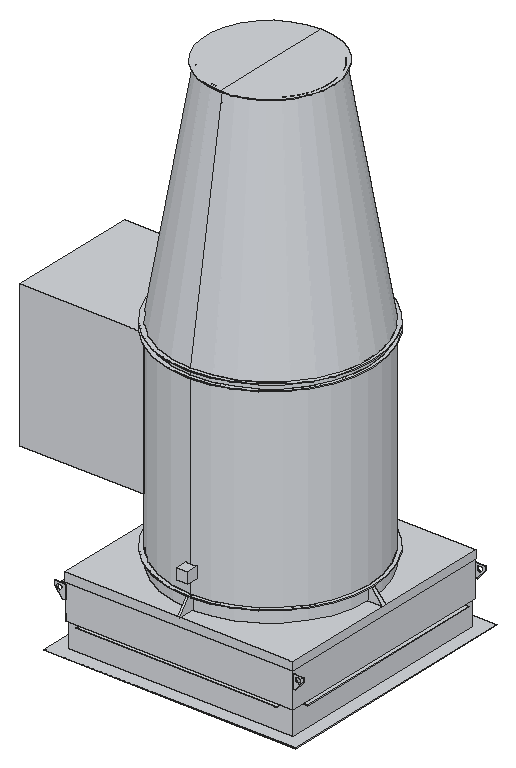
Revit family "TCNHBLE_with_Isolation_Box", category Mechanical Equipment, Revit 2019
Family settings
  Round Connector Dimension = Use Diameter
  Part Type = Normal
  Work Plane-Based = No
  Always vertical = Yes
  Cut with Voids When Loaded = No
  Shared = No
  Room Calculation Point = No
Parameters (values of type "490_TCNHBLE-Isolation_Box")
  Unit Weight [instance] = ""
  UNIT_HEIGHT*.75 = -UNIT_HEIGHT * 0.75  # -4' - 6 3/8"
  UNIT_HEIGHT = 6' - 0 1/2"
  Sones [instance] = ""
  RO/2 = RO / 2  # 3' - 2 1/4"
  RO = 6' - 4 1/2"
  Nozzle [instance] = ""
  Motor RPM [instance] = ""
  Motor Enclosure [instance] = ""
  ModelID [instance] = ""
  MIXING_BOX_HEIGHT-2.875" = MIXING_BOX_HEIGHT - 0' 2 7/8"  # 1' - 1 1/8"
  MIXING_BOX_HEIGHT+.125" = MIXING_BOX_HEIGHT + 0' 0 1/8"  # 1' - 4 1/8"
  MIXING_BOX_HEIGHT = 1' - 4"  # constant formula
  MB/2 = MIXING_BOX_HEIGHT / 2  # 0' - 8"
  LwA [instance] = ""
  Isolation Damper Actuator = ""
  Fan RPM [instance] = ""
  FAN_RADIUS+4" = FAN_RAD + 0' 4"  # 3' - 4 1/2"
  FAN_RAD*.8 = FAN_RAD * 0.6  # 1' - 9.9"
  FAN_RAD*.33 = FAN_RAD * 0.66  # 2' - 0.09"
  FAN_RAD = FAN_DIA / 2  # 3' - 0 1/2"
  FAN_DIA = 6' - 1"
  D = 9' - 0"
  CURB_HEIGHT [instance] = 1' - 0"
  CURB [instance] = yes
  C = 7' - 0"
  F-1" = F - 0' 1"  # 7' - 2"
  F = 7' - 3"
  C/2 = E / 2  # 5' - 9 1/2"
  E = 11' - 7"
  B/2 = B / 2  # 3' - 5 3/8"
  B = 6' - 10 3/4"
  Accessories [instance] = ""
  A-C-D = A - E - F + 0' 1"  # -3' - 7 1/4"
  A = 15' - 1 3/4"
  5" = 0' - 5"  # constant formula
  3.125" = 0' - 3 1/8"  # constant formula
  3" = 0' - 3"  # constant formula
  Brake Hp [instance] = ""
  4" = 0' - 4"  # constant formula
  2' = 2' - 0"
  2" = 0' - 2"  # constant formula
  135 = 135.00°
  1" = 0' - 1"  # constant formula
  0 = 0' - 0"  # constant formula
  Voltage [instance] = 0 V
  URL = "www.lorencook.com"
  Type Comments = "Tubular Centrifugal Inline Upblast Roof Mounted Arrangement 9 With Isolation Box"  # constant formula
  Static Pressure [instance] = 0.00 in-wg
  Power [instance] = Voltage * Motor FLA * sqrt(if(Phase = 3, 3, 1))  # 0 VA
  Phase [instance] = 0
  Number of Poles [instance] = 1
  Motor Hp [instance] = "0"
  Motor FLA [instance] = 0 A
  Model = "TCNHBLE-Isolation Box"  # constant formula
  Manufacturer = "Loren Cook Company"
  CFM [instance] = 0 CFM
  1.5 = 0' - 1 1/2"  # constant formula
  ONE EIGTH = 0' - 0 1/8"  # constant formula
  -B/2 = -B / 2  # -3' - 5 3/8"
  (E/2)+.125" = (C / 2) + 0' 0 1/8"  # 3' - 6 1/8"
  ((E-8")*.8)-MIXING_BOX = -((E - MIXING_BOX_HEIGHT - 0' 5") * 0.8)  # -7' - 10.4"
Types (18): name | UNIT_HEIGHT*.75 | UNIT_HEIGHT | RO/2 | RO | FAN_RADIUS+4" | FAN_RAD*.8 | FAN_RAD*.33 | FAN_RAD | FAN_DIA | D | C | F-1" | F | C/2 | E | B/2 | B | A-C-D | A | -B/2 | (E/2)+.125" | ((E-8")*.8)-MIXING_BOX
  (no name) | -4' - 6 3/8" | 6' - 0 1/2" | 3' - 2 1/4" | 6' - 4 1/2" | 3' - 4 1/2" | 1' - 9.9" | 2' - 0.09" | 3' - 0 1/2" | 6' - 1" | 9' - 0" | 7' - 0" | 7' - 2" | 7' - 3" | 5' - 9 1/2" | 11' - 7" | 3' - 5 3/8" | 6' - 10 3/4" | -3' - 7 1/4" | 15' - 1 3/4" | -3' - 5 3/8" | 3' - 6 1/8" | -7' - 10.4"
  100_TCNHBLE-Isolation_Box | -1' - 4 1/2" | 1' - 10" | 0' - 8 13/32" | 1' - 4 13/16" | 1' - 0" | 0' - 4.8" | 0' - 5.28" | 0' - 8" | 1' - 4" | 2' - 10" | 2' - 0" | 1' - 7" | 1' - 8" | 2' - 6" | 5' - 0" | 0' - 11 17/32" | 1' - 11 1/16" | 3' - 5" | 10' - 0" | -0' - 11 17/32" | 1' - 0 1/8" | -2' - 7.2"
  120_TCNHBLE-Isolation_Box | -1' - 5 1/4" | 1' - 11" | 0' - 10 13/32" | 1' - 8 13/16" | 1' - 1" | 0' - 5.4" | 0' - 5.94" | 0' - 9" | 1' - 6" | 3' - 2" | 2' - 4" | 1' - 9" | 1' - 10" | 2' - 7" | 5' - 2" | 1' - 1 17/32" | 2' - 3 1/16" | 3' - 1" | 10' - 0" | -1' - 1 17/32" | 1' - 2 1/8" | -2' - 8.8"
  135_TCNHBLE-Isolation_Box | -1' - 6 3/8" | 2' - 0 1/2" | 0' - 11 3/8" | 1' - 10 3/4" | 1' - 2 1/2" | 0' - 6.3" | 0' - 6.93" | 0' - 10 1/2" | 1' - 9" | 3' - 4" | 2' - 6" | 2' - 1" | 2' - 2" | 2' - 7 1/2" | 5' - 3" | 1' - 2 1/2" | 2' - 5" | 2' - 8" | 10' - 0" | -1' - 2 1/2" | 1' - 3 1/8" | -2' - 9.6"
  150_TCNHBLE-Isolation_Box | -1' - 8 7/16" | 2' - 3 1/4" | 1' - 0 3/8" | 2' - 0 3/4" | 1' - 4" | 0' - 7.2" | 0' - 7.92" | 1' - 0" | 2' - 0" | 3' - 6" | 2' - 8" | 2' - 4" | 2' - 5" | 2' - 9 1/2" | 5' - 7" | 1' - 3 1/2" | 2' - 7" | 2' - 1" | 10' - 0" | -1' - 3 1/2" | 1' - 4 1/8" | -3' - 0.8"
  165_TCNHBLE-Isolation_Box | -1' - 9 9/16" | 2' - 4 3/4" | 1' - 1 3/8" | 2' - 2 3/4" | 1' - 5" | 0' - 7.8" | 0' - 8.58" | 1' - 1" | 2' - 2" | 3' - 10" | 2' - 10" | 2' - 5" | 2' - 6" | 2' - 11" | 5' - 10" | 1' - 4 1/2" | 2' - 9" | 1' - 9" | 10' - 0" | -1' - 4 1/2" | 1' - 5 1/8" | -3' - 3.2"
  180_TCNHBLE-Isolation_Box | -1' - 11 7/16" | 2' - 7 1/4" | 1' - 3 5/16" | 2' - 6 5/8" | 1' - 6" | 0' - 8.4" | 0' - 9.24" | 1' - 2" | 2' - 4" | 4' - 2" | 3' - 2" | 2' - 10" | 2' - 11" | 3' - 0 1/2" | 6' - 1" | 1' - 6 7/16" | 3' - 0 7/8" | 1' - 1" | 10' - 0" | -1' - 6 7/16" | 1' - 7 1/8" | -3' - 5.6"
  195_TCNHBLE-Isolation_Box | -2' - 1 1/8" | 2' - 9 1/2" | 1' - 5 11/32" | 2' - 10 11/16" | 1' - 7 1/2" | 0' - 9.3" | 0' - 10.23" | 1' - 3 1/2" | 2' - 7" | 4' - 6" | 3' - 6" | 3' - 2" | 3' - 3" | 3' - 2" | 6' - 4" | 1' - 8 7/16" | 3' - 4 7/8" | 0' - 6" | 10' - 0" | -1' - 8 7/16" | 1' - 9 1/8" | -3' - 8"
  210_TCNHBLE-Isolation_Box | -2' - 2 1/16" | 2' - 10 3/4" | 1' - 6 11/32" | 3' - 0 11/16" | 1' - 9" | 0' - 10.2" | 0' - 11.22" | 1' - 5" | 2' - 10" | 4' - 8" | 3' - 8" | 3' - 5" | 3' - 6" | 3' - 2" | 6' - 4" | 1' - 9 7/16" | 3' - 6 7/8" | 0' - 3" | 10' - 0" | -1' - 9 7/16" | 1' - 10 1/8" | -3' - 8"
  225_TCNHBLE-Isolation_Box | -2' - 2 5/8" | 2' - 11 1/2" | 1' - 8 11/32" | 3' - 4 11/16" | 1' - 10" | 0' - 10.8" | 0' - 11.88" | 1' - 6" | 3' - 0" | 5' - 0" | 4' - 0" | 3' - 7" | 3' - 8" | 3' - 3" | 6' - 6" | 1' - 11 7/16" | 3' - 10 7/8" | -0' - 1" | 10' - 0" | -1' - 11 7/16" | 2' - 0 1/8" | -3' - 9.6"
  245_TCNHBLE-Isolation_Box | -2' - 6 3/4" | 3' - 5" | 1' - 9 11/32" | 3' - 6 11/16" | 2' - 0" | 1' - 0" | 1' - 1.2" | 1' - 8" | 3' - 4" | 5' - 3" | 4' - 2" | 4' - 1" | 4' - 2" | 3' - 6 1/2" | 7' - 1" | 2' - 0 7/16" | 4' - 0 7/8" | -1' - 2" | 10' - 0" | -2' - 0 7/16" | 2' - 1 1/8" | -4' - 3.2"
  270_TCNHBLE-Isolation_Box | -2' - 10 7/8" | 3' - 10 1/2" | 1' - 11 11/32" | 3' - 10 11/16" | 2' - 2" | 1' - 1.2" | 1' - 2.52" | 1' - 10" | 3' - 8" | 5' - 7" | 4' - 6" | 4' - 7" | 4' - 8" | 3' - 9 1/2" | 7' - 7" | 2' - 2 7/16" | 4' - 4 7/8" | -1' - 9 1/4" | 10' - 4 3/4" | -2' - 2 7/16" | 2' - 3 1/8" | -4' - 8"
  300_TCNHBLE-Isolation_Box | -3' - 0 3/16" | 4' - 0 1/4" | 2' - 2 11/32" | 4' - 4 11/16" | 2' - 4" | 1' - 2.4" | 1' - 3.84" | 2' - 0" | 4' - 0" | 6' - 2" | 5' - 0" | 4' - 11" | 5' - 0" | 3' - 10 1/2" | 7' - 9" | 2' - 5 7/16" | 4' - 10 7/8" | -1' - 9 1/2" | 10' - 10 1/2" | -2' - 5 7/16" | 2' - 6 1/8" | -4' - 9.6"
  330_TCNHBLE-Isolation_Box | -3' - 3" | 4' - 4" | 2' - 3 9/32" | 4' - 6 9/16" | 2' - 6" | 1' - 3.6" | 1' - 5.16" | 2' - 2" | 4' - 4" | 6' - 5" | 5' - 2" | 5' - 3" | 5' - 4" | 4' - 2" | 8' - 4" | 2' - 6 3/8" | 5' - 0 3/4" | -2' - 0 3/4" | 11' - 6 1/4" | -2' - 6 3/8" | 2' - 7 1/8" | -5' - 3.2"
  365_TCNHBLE-Isolation_Box | -3' - 4 1/2" | 4' - 6" | 2' - 4 25/32" | 4' - 9 9/16" | 2' - 7" | 1' - 4.2" | 1' - 5.82" | 2' - 3" | 4' - 6" | 6' - 10" | 5' - 5" | 5' - 4" | 5' - 5" | 4' - 4 1/2" | 8' - 9" | 2' - 7 7/8" | 5' - 3 3/4" | -2' - 3 3/4" | 11' - 9 1/4" | -2' - 7 7/8" | 2' - 8 5/8" | -5' - 7.2"
  402_TCNHBLE-Isolation_Box | -3' - 8 5/8" | 4' - 11 1/2" | 2' - 8 9/32" | 5' - 4 9/16" | 2' - 10" | 1' - 6" | 1' - 7.8" | 2' - 6" | 5' - 0" | 7' - 6" | 6' - 0" | 5' - 11" | 6' - 0" | 4' - 8 1/2" | 9' - 5" | 2' - 11 3/8" | 5' - 10 3/4" | -2' - 6 1/4" | 12' - 9 3/4" | -2' - 11 3/8" | 3' - 0 1/8" | -6' - 1.6"
  445_TCNHBLE-Isolation_Box | -4' - 1 1/2" | 5' - 6" | 2' - 10 25/32" | 5' - 9 9/16" | 3' - 1" | 1' - 7.8" | 1' - 9.78" | 2' - 9" | 5' - 6" | 8' - 2" | 6' - 5" | 6' - 7" | 6' - 8" | 5' - 3" | 10' - 6" | 3' - 1 7/8" | 6' - 3 3/4" | -3' - 0 3/4" | 14' - 0 1/4" | -3' - 1 7/8" | 3' - 2 5/8" | -7' - 0"
  490_TCNHBLE-Isolation_Box | -4' - 6 3/8" | 6' - 0 1/2" | 3' - 2 1/4" | 6' - 4 1/2" | 3' - 4 1/2" | 1' - 9.9" | 2' - 0.09" | 3' - 0 1/2" | 6' - 1" | 9' - 0" | 7' - 0" | 7' - 2" | 7' - 3" | 5' - 9 1/2" | 11' - 7" | 3' - 5 3/8" | 6' - 10 3/4" | -3' - 7 1/4" | 15' - 1 3/4" | -3' - 5 3/8" | 3' - 6 1/8" | -7' - 10.4"
Reference planes (in)
  plane 1 "Center (Front/Back)": y = 0
  plane 2: z = 0
  plane 3 "Center (Left/Right)": x = 0.40541
Forms (in)
  Extrusion 1, solid
    sketch origin (0, 0, 0) x (1, 0, 0) y (0, 1, 0)
      loop
        line (-41.71959, 42.125) -> (-41.71959, -42.125) -> (42.53041, -42.125) -> (42.53041, 42.125) -> (-41.71959, 42.125)
    from 16.125 <- "MIXING_BOX_HEIGHT+.125"" to 13.125 <- "MIXING_BOX_HEIGHT-2.875""
  Extrusion 2, solid
    sketch origin (0, 0, 16.125) x (1, 0, 0) y (0, 1, 0)
      loop
        circle (0.40541, 0) r 36.5
    from 5 to 0
  Extrusion 3, solid
    sketch origin (0, 0, 0) x (1, 0, 0) y (0, 0, 1)
      loop
        line (-41.71959, 16.125) -> (-36.09459, 16.125) -> (-36.09459, 21.125) -> (-37.59459, 21.125) -> (-41.71959, 16.125)
      loop
        line (42.53041, 16.125) -> (38.40541, 21.125) -> (36.90541, 21.125) -> (36.90541, 16.125) -> (42.53041, 16.125)
    from -0.5 to 0.5
  Extrusion 4, solid
    sketch origin (0.40541, 0, 0) x (0, 1, 0) y (0, 0, 1)
      loop
        line (42.125, 16.125) -> (38, 21.125) -> (36.5, 21.125) -> (36.5, 16.125) -> (42.125, 16.125)
      loop
        line (-42.125, 16.125) -> (-36.5, 16.125) -> (-36.5, 21.125) -> (-38, 21.125) -> (-42.125, 16.125)
    from -0.5 to 0.5
  Revolve 5, solid
    sketch origin (0.40541, 0, 0) x (0, 1, 0) y (0, 0, 1)
      loop
        line (0, 21.125) -> (0, 181.75) -> (-23.4, 181.75) -> (-23.4, 181.625) -> (-21.9, 181.625) -> (-36.5, 95.875) -> (-38, 95.875) -> (-38, 95.75) -> (-36.5, 95.75) -> (-36.5, 93.625) -> (-38, 93.625) -> (-38, 93.5) -> (-36.5, 93.5) -> (-36.5, 21.25) -> (-38, 21.25) -> (-38, 21.125) -> (0, 21.125)
      axis (0, 21.125) -> (0, 181.75)
    angle from 0 to 360
  Extrusion 6, solid
    sketch origin (0.40541, 0, 93.625) x (-1, 0, 0) y (0, -1, 0)
      loop
        line (27.42119, -24.09) -> (73, -24.09) -> (73, 24.09) -> (27.42119, 24.09)
        arc (27.42119, 24.09) -> (36.5, 0) -> (27.42119, -24.09) r 36.5
    from -54.375 <- "UNIT_HEIGHT*.75" to -1
  Extrusion 7, solid
    sketch origin (0, 0, 0) x (1, 0, 0) y (0, 1, 0)
      loop
        line (-41.59459, 42) -> (-41.59459, -42) -> (42.40541, -42) -> (42.40541, 42) -> (-41.59459, 42)
    from 13.125 <- "MIXING_BOX_HEIGHT-2.875"" to 0
  Extrusion 8, void
    sketch origin (0, 0, 0) x (1, 0, 0) y (0, 1, 0)
      loop
        line (-41.46959, 41.875) -> (-41.46959, -41.875) -> (42.28041, -41.875) -> (42.28041, 41.875) -> (-41.46959, 41.875)
    from 2.875 to 0
  Extrusion 9, solid
    sketch origin (0, 0, 0) x (1, 0, 0) y (0, 1, 0)
      loop
        line (-36.71959, 43.625) -> (-36.71959, 42.125) -> (37.53041, 42.125) -> (37.53041, 43.625) -> (-36.71959, 43.625)
      loop
        line (42.40541, 37.125) -> (42.40541, -37.125) -> (43.90541, -37.125) -> (43.90541, 37.125) -> (42.40541, 37.125)
      loop
        line (37.53041, -42) -> (-36.71959, -42) -> (-36.71959, -43.5) -> (37.53041, -43.5) -> (37.53041, -42)
      loop
        line (-41.59459, -37.125) -> (-41.59459, 37.125) -> (-43.09459, 37.125) -> (-43.09459, -37.125) -> (-41.59459, -37.125)
    from 0 to 0.125
  Extrusion 10, solid
    sketch origin (42.40541, -42, 0) x (-1, 0, 0) y (0, 0, -1)
      loop
        line (84, -12.125) -> (88, -12.125) -> (88, -10.625) -> (85, -7.125) -> (84, -7.125) -> (84, -12.125)
      loop
        line (0, -12.125) -> (0, -7.125) -> (-1, -7.125) -> (-4, -10.625) -> (-4, -12.125) -> (0, -12.125)
    from 0 to -0.125
  Extrusion 11, solid
    sketch origin (-41.59459, 42, 0) x (1, 0, 0) y (0, 0, -1)
      loop
        line (84, -12.125) -> (88, -12.125) -> (88, -10.625) -> (85, -7.125) -> (84, -7.125) -> (84, -12.125)
      loop
        line (0, -12.125) -> (0, -7.125) -> (-1, -7.125) -> (-4, -10.625) -> (-4, -12.125) -> (0, -12.125)
    from 0 to -0.125
  Extrusion 12, void
    sketch origin (-41.59459, 42, 0) x (-1, 0, 0) y (0, 0, -1)
      loop
        circle (-86, -10.625) r 1
      loop
        circle (2, -10.625) r 1
    from 0 to 84 <- "C"
  Extrusion 13, solid
    sketch origin (-41.59459, -42, 0) x (0, 1, 0) y (0, 0, -1)
      loop
        line (82.5, -11.625) -> (82.5, -6.625) -> (1.5, -6.625) -> (1.5, -11.625) -> (82.5, -11.625)
    from 0 to 0.125
  Extrusion 14, solid
    sketch origin (-41.71959, -42, 0) x (0, 1, 0) y (0, 0, -1)
      loop
        line (3, -10.625) -> (8, -10.625) -> (8, -7.625) -> (3, -7.625) -> (3, -10.625)
    from 0 to 3.5
  Extrusion 15, solid
    sketch origin (0.40541, 0, 21.125) x (-1, 0, 0) y (0, 1, 0)
      loop
        line (2, -40.5) -> (2, -36.5) -> (-2, -36.5) -> (-2, -40.5) -> (2, -40.5)
    from -10 to -6
  Extrusion 16, solid, visible <- "CURB"
    sketch origin (0, 0, 2.875) x (0, 1, 0) y (1, 0, 0)
      loop
        line (38.25, -37.84459) -> (38.25, 38.65541) -> (-38.25, 38.65541) -> (-38.25, -37.84459) -> (38.25, -37.84459)
      loop
        line (-41.375, 41.78041) -> (-41.375, -40.96959) -> (41.375, -40.96959) -> (41.375, 41.78041) -> (-41.375, 41.78041)
    from 0 to 12 <- "CURB_HEIGHT"
  Extrusion 17, solid, visible <- "CURB"
    sketch origin (0, 0, -9.125) x (-1, 0, 0) y (0, 1, 0)
      loop
        line (40.96959, -41.375) -> (40.96959, 41.375) -> (-41.78041, 41.375) -> (-41.78041, -41.375) -> (40.96959, -41.375)
      loop
        line (-46.78041, 46.375) -> (-46.78041, -46.375) -> (45.96959, -46.375) -> (45.96959, 46.375) -> (-46.78041, 46.375)
    from 0 to -0.125
Cuts and joins
  Extrusion 8, Extrusion 12 cuts Extrusion 7
  Extrusion 12 cuts Extrusion 10
  Extrusion 12 cuts Extrusion 11
Dimensions and locks (in)
  "(E/2)+.125"": Extrusion 1 sketch curve to plane 3 "Center (Left/Right)"
  "(E/2)+.125"": plane 3 "Center (Left/Right)" to Extrusion 1 sketch curve
  "(E/2)+.125"": plane 1 "Center (Front/Back)" to Extrusion 1 sketch curve
  "(E/2)+.125"": Extrusion 1 sketch curve to plane 1 "Center (Front/Back)"
  "0": plane 3 "Center (Left/Right)" to Extrusion 2 sketch curve
  "0": Extrusion 2 sketch curve to plane 1 "Center (Front/Back)"
  "0": Extrusion 2 to Extrusion 3 sketch curve
  "0": Extrusion 3 sketch curve to Extrusion 2  (x3)
  "FAN_RAD": plane 1 "Center (Front/Back)" to Extrusion 4 sketch curve
  "FAN_RAD": Extrusion 4 sketch curve to plane 1 "Center (Front/Back)"
  "0": Revolve 5 sketch curve to Extrusion 2
  "ONE EIGTH": Revolve 5 sketch curve to Revolve 5 sketch curve  (x4)
  "F-1"": Revolve 5 sketch curve to Revolve 5 sketch curve
  "A": Revolve 5 sketch curve to level
  "0": Revolve 5 sketch curve to Extrusion 4
  "0": Revolve 5 sketch curve to Revolve 5 sketch curve  (x3)
  "1.5": Revolve 5 sketch curve to Revolve 5 sketch curve  (x2)
  "FAN_RAD*.8": plane 1 "Center (Front/Back)" to Revolve 5 sketch curve
  "0": Revolve 5 sketch curve to plane 1 "Center (Front/Back)"
  "1.5": Extrusion 4 sketch curve to Extrusion 4 sketch curve  (x2)
  "1.5": Extrusion 3 sketch curve to Extrusion 3 sketch curve  (x2)
  "0": Extrusion 6 sketch curve to plane 3 "Center (Left/Right)"
  "0": Extrusion 6 sketch curve to plane 1 "Center (Front/Back)"
  "FAN_RAD*.33": Extrusion 6 sketch curve to plane 1 "Center (Front/Back)"  (x2)
  "FAN_DIA": Extrusion 6 sketch curve to plane 3 "Center (Left/Right)"
  "ONE EIGTH": Extrusion 7 sketch curve to Extrusion 1  (x2)
  "ONE EIGTH": Extrusion 1 to Extrusion 7 sketch curve  (x2)
  "0": Extrusion 3 sketch curve to Extrusion 1  (x2)
  "0": Extrusion 4 sketch curve to Extrusion 1  (x3)
  "0": Extrusion 1 to Extrusion 4 sketch curve
  Extrusion 4 sketch curve to Extrusion 1 = 0' - 5"
  "5"": Extrusion 4 sketch curve to Extrusion 1
  "ONE EIGTH": Extrusion 8 sketch curve to Extrusion 7  (x3)
  "ONE EIGTH": Extrusion 7 to Extrusion 8 sketch curve
  "1.5": Extrusion 9 sketch curve to Extrusion 9 sketch curve  (x4)
  "5"": Extrusion 1 to Extrusion 9 sketch curve  (x2)
  "5"": Extrusion 9 sketch curve to Extrusion 1  (x6)
  "0": Extrusion 9 sketch curve to cut or joined group of Extrusion 7, Extrusion 8, Extrusion 12  (x2)
  "0": cut or joined group of Extrusion 7, Extrusion 8, Extrusion 12 to Extrusion 9 sketch curve
  "0": Extrusion 9 sketch curve to Extrusion 1
  "1"": Extrusion 1 to Extrusion 10 sketch curve  (x2)
  "5"": Extrusion 10 sketch curve to Extrusion 10 sketch curve  (x2)
  "4"": Extrusion 10 sketch curve to Extrusion 10 sketch curve  (x2)
  "1.5": Extrusion 10 sketch curve to Extrusion 10 sketch curve  (x2)
  "1"": Extrusion 10 sketch curve to Extrusion 10 sketch curve  (x2)
  "0": Extrusion 10 sketch curve to cut or joined group of Extrusion 7, Extrusion 8, Extrusion 12  (x2)
  "4"": Extrusion 11 sketch curve to Extrusion 11 sketch curve  (x2)
  "5"": Extrusion 11 sketch curve to Extrusion 11 sketch curve  (x2)
  "1.5": Extrusion 11 sketch curve to Extrusion 11 sketch curve  (x2)
  "1"": Extrusion 11 sketch curve to Extrusion 11 sketch curve  (x2)
  "0": Extrusion 11 sketch curve to cut or joined group of Extrusion 7, Extrusion 8, Extrusion 12  (x2)
  "1"": Extrusion 11 sketch curve to Extrusion 1  (x2)
  "1.5": Extrusion 12 sketch curve to Extrusion 11  (x2)
  "2"": Extrusion 11 to Extrusion 12 sketch curve  (x2)
  "1.5": cut or joined group of Extrusion 7, Extrusion 8, Extrusion 12 to Extrusion 13 sketch curve
  "1.5": Extrusion 13 sketch curve to cut or joined group of Extrusion 7, Extrusion 8, Extrusion 12
  "1.5": Extrusion 13 sketch curve to Extrusion 1
  "5"": Extrusion 13 sketch curve to Extrusion 13 sketch curve
  "1"": Extrusion 13 to Extrusion 14 sketch curve  (x2)
  "1.5": Extrusion 14 sketch curve to Extrusion 13
  "5"": Extrusion 14 sketch curve to Extrusion 14 sketch curve
  "UNIT_HEIGHT": Revolve 5 sketch curve to Extrusion 2
  "2"": Extrusion 15 sketch curve to plane 3 "Center (Left/Right)"
  "2"": plane 3 "Center (Left/Right)" to Extrusion 15 sketch curve
  "FAN_RADIUS+4"": Extrusion 15 sketch curve to plane 1 "Center (Front/Back)"
  "FAN_RAD": plane 1 "Center (Front/Back)" to Extrusion 15 sketch curve
  "3.125"": Extrusion 16 sketch curve to Extrusion 16 sketch curve  (x4)
  "RO/2": Extrusion 16 sketch curve to plane 3 "Center (Left/Right)"
  "RO/2": plane 3 "Center (Left/Right)" to Extrusion 16 sketch curve
  "RO/2": plane 1 "Center (Front/Back)" to Extrusion 16 sketch curve
  "RO/2": Extrusion 16 sketch curve to plane 1 "Center (Front/Back)"
  "5"": Extrusion 17 sketch curve to Extrusion 17 sketch curve  (x4)
  "0": Extrusion 17 sketch curve to Extrusion 16  (x3)
  "0": Extrusion 16 to Extrusion 17 sketch curve
  "FAN_RAD": radius of Extrusion 2 sketch curve
  "FAN_RAD": radius of Extrusion 6 sketch curve
  "1"": radius of Extrusion 12 sketch curve  (x2)
Automatic sketch dimensions
  Extrusion 3 sketch curve to Extrusion 3 sketch curve = 0' - 5"  (x2)
  Revolve 5 sketch curve to plane 1 "Center (Front/Back)" = 0' - 0"
  Revolve 5 sketch curve to level = 0' - 0"
  Revolve 5 sketch curve to Revolve 5 sketch curve = 0' - 0"
  Revolve 5 sketch curve to Revolve 5 sketch curve = 0' - 9"
  Extrusion 6 sketch curve to Extrusion 6 sketch curve = 0' - 0"
Connectors (in)
  electrical at (0.40541, -38.5, 27.125)
    settings: on Extrusion 15, index 4, voltage 0 V, apparent load 0 VA, apparent load phase1 0 VA, apparent load phase2 0 VA, apparent load phase3 0 VA, power factor 1, load classification "Other", number of poles 1, system type 30, power factor state 1, is connector primary yes, connector utility no, sub classification motor no, connector description ""
  hvac at (0.40541, 0, 2.875), driven by "CFM", driven by "RO", driven by "RO"
    settings: on cut or joined group of Extrusion 7, Extrusion 8, Extrusion 12, index 5, duct flow 0 CFM, flow factor 0, pres drop 0.00 in-wg, loss coef 0, conn angle 0.00°, conn width 76 1/2", conn height 76 1/2", conn diameter 24", duct sys type 3, conn prof type 1, flow config 0, flow direction 1, loss method 0, conn ref index -1, conn util no, is conn primary yes, conn desc ""
